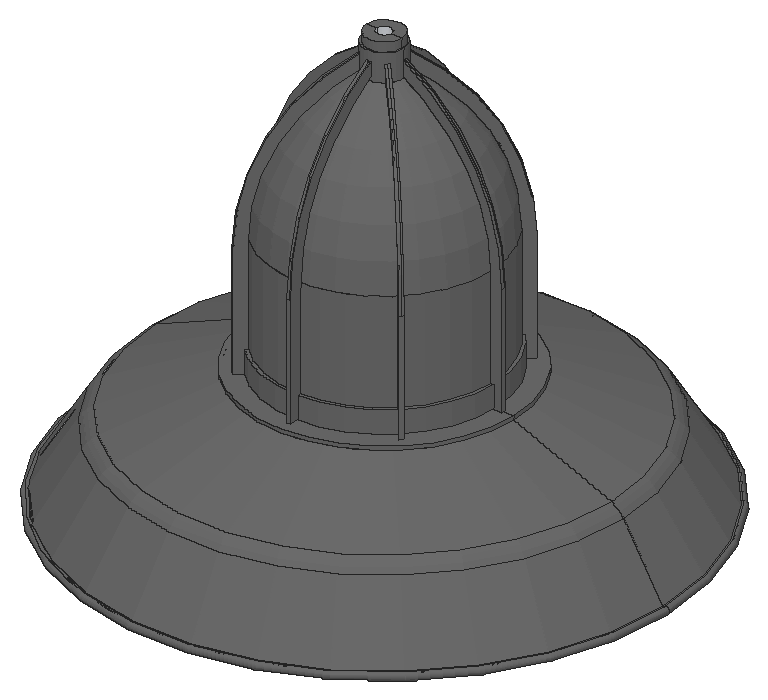
Revit family "URW20 SHADE", category Lighting Fixtures, Revit 2024
Family settings
  Round Connector Dimension = Use Diameter
  Part Type = Normal
  OmniClass Number = 23.80.70.00
  OmniClass Title = Lighting
  Work Plane-Based = No
  Always vertical = Yes
  Cut with Voids When Loaded = No
  Light Source = Yes
  Maintain Annotation Orientation = No
  Shared = No
  Room Calculation Point = No
Parameters
  Wattage = 12.1178 W
  built-in parameter 1150110 = 1 (stored number, unit not read)
  built-in parameter 1114217 = 1 (stored number, unit not read)
  built-in parameter 1150109 = 1 (stored number, unit not read)
  built-in parameter 1150134 = (empty or 0)
  built-in parameter 1150113 = 1 (stored number, unit not read)
  Lumens = 1800 lm
  built-in parameter 1150115 = 1 (stored number, unit not read)
  built-in parameter 1150105 = 572.96 (stored number, unit not read)
  Light Source Symbol Size = 2' - 0"
  built-in parameter 1150137 = (empty or 0)
  built-in parameter 1150139 = (empty or 0)
  built-in parameter 1150112 = 1 (stored number, unit not read)
  built-in parameter 1150114 = 1 (stored number, unit not read)
  built-in parameter 1150132 = 2
  built-in parameter 1150102 = (empty or 0)
  built-in parameter 1150138 = (empty or 0)
  built-in parameter 1150107 = 3000 (stored number, unit not read)
  built-in parameter 1150106 = 5.7296 (stored number, unit not read)
  built-in parameter 1150104 = 13.8 (stored number, unit not read)
  Dimming Lamp Color Temperature Shift = (empty or 0)
  Default Elevation = 0' - 0"
  Color Filter = 16777215
  built-in parameter 1114218 = 1 (stored number, unit not read)
  built-in parameter 1150133 = 10 (stored number, unit not read)
Reference planes (in)
  plane 1 "Light Source Axis (F/B)": y = 0
  plane 2: z = 0
  plane 3 "Light Source Axis (L/R)": x = 0
  plane 4 "Light Source Elevation": z = 52.97372
Forms (in)
  Revolve 1, solid
    sketch origin (0, 0, 0) x (1, 0, 0) y (0, 0, 1)
      loop
        arc (-4.5625, 57.24639) -> (-6.29918, 56.63145) -> (-7.97819, 55.87309) r 21.9579
        arc (-7.97819, 55.87309) -> (-8.21853, 55.70376) -> (-8.39925, 55.47186) r 1
        line (-8.39925, 55.47186) -> (-9.80435, 53.23592) -> (-9.875, 53.23592)
        arc (-9.875, 53.23592) -> (-9.95221, 53.01262) -> (-9.75356, 53.14054) r 0.125
        line (-9.75356, 53.14054) -> (-8.31868, 55.42388)
        arc (-8.31868, 55.42388) -> (-8.15463, 55.63516) -> (-7.93605, 55.78934) r 0.90625
        arc (-7.93605, 55.78934) -> (-6.23208, 56.55735) -> (-4.46875, 57.17703) r 21.86415
        line (-4.46875, 57.17703) -> (-4.46875, 57.27764) -> (-3.7987, 57.27764) -> (-3.7987, 58.05264) -> (-3.6787, 58.05264) -> (-3.6787, 61.64639)
        arc (-3.6787, 61.64639) -> (-2.82417, 64.58968) -> (-0.5263, 66.61772) r 5.49609
        line (-0.5263, 66.61772) -> (-0.25, 66.61772) -> (-0.25, 67.88172) -> (-0.628, 67.88172) -> (-0.628, 67.58172) -> (-0.6925, 67.58172) -> (-0.6925, 66.64106)
        arc (-0.6925, 66.64106) -> (-2.94056, 64.58037) -> (-3.77245, 61.64639) r 5.58984
        line (-3.77245, 61.64639) -> (-3.77245, 58.14639) -> (-3.89245, 58.14639) -> (-3.89245, 57.37139) -> (-4.5625, 57.37139) -> (-4.5625, 57.24639)
      axis (0, 67.88172) -> (0, 53.14054)
    angle from 0 to 360
  Sweep 2, solid
    path origin (0, 0, 0) x (1, 0, 0) y (0, 0, 1)
      loop
        arc (-0.69245, 67.24639) -> (-3.2535, 64.7195) -> (-4.19245, 61.24639) r 6.89286
        line (-4.19245, 61.24639) -> (-4.19245, 57.37139)
    profile origin (-4.19245, 0, 59.30889) x (0, -1, 0) y (1, 0, 0)
      loop
        line (0, 0) -> (0.0625, 0) -> (0.0625, 0.42) -> (-0.0625, 0.42) -> (-0.0625, 0) -> (0, 0)
  Sweep 3, solid
    path origin (0, 0, 0) x (0.707107, -0.707107, 0) y (0, 0, 1)
      loop
        arc (-0.69245, 67.24639) -> (-3.2535, 64.7195) -> (-4.19245, 61.24639) r 6.89286
        line (-4.19245, 61.24639) -> (-4.19245, 57.37139)
    profile origin (-2.96451, 2.96451, 59.30889) x (-0.707107, -0.707107, 0) y (0.707107, -0.707107, 0)
      loop
        line (0, 0) -> (0.0625, 0) -> (0.0625, 0.42) -> (-0.0625, 0.42) -> (-0.0625, 0) -> (0, 0)
  Sweep 4, solid
    path origin (0, 0, 0) x (0.707107, 0.707107, 0) y (0, 0, 1)
      loop
        arc (-0.69245, 67.24639) -> (-3.2535, 64.7195) -> (-4.19245, 61.24639) r 6.89286
        line (-4.19245, 61.24639) -> (-4.19245, 57.37139)
    profile origin (-2.96451, -2.96451, 59.30889) x (0.707107, -0.707107, 0) y (0.707107, 0.707107, 0)
      loop
        line (0, 0) -> (0.0625, 0) -> (0.0625, 0.42) -> (-0.0625, 0.42) -> (-0.0625, 0) -> (0, 0)
  Sweep 5, solid
    path origin (0, 0, 0) x (0, 1, 0) y (0, 0, 1)
      loop
        arc (-0.69245, 67.24639) -> (-3.2535, 64.7195) -> (-4.19245, 61.24639) r 6.89286
        line (-4.19245, 61.24639) -> (-4.19245, 57.37139)
    profile origin (0, -4.19245, 59.30889) x (1, 0, 0) y (0, 1, 0)
      loop
        line (0, 0) -> (0.0625, 0) -> (0.0625, 0.42) -> (-0.0625, 0.42) -> (-0.0625, 0) -> (0, 0)
  Sweep 6, solid
    path origin (0, 0, 0) x (-0.707107, 0.707107, 0) y (0, 0, 1)
      loop
        arc (-0.69245, 67.24639) -> (-3.2535, 64.7195) -> (-4.19245, 61.24639) r 6.89286
        line (-4.19245, 61.24639) -> (-4.19245, 57.37139)
    profile origin (2.96451, -2.96451, 59.30889) x (0.707107, 0.707107, 0) y (-0.707107, 0.707107, 0)
      loop
        line (0, 0) -> (0.0625, 0) -> (0.0625, 0.42) -> (-0.0625, 0.42) -> (-0.0625, 0) -> (0, 0)
  Sweep 7, solid
    path origin (0, 0, 0) x (-1, 0, 0) y (0, 0, 1)
      loop
        arc (-0.69245, 67.24639) -> (-3.2535, 64.7195) -> (-4.19245, 61.24639) r 6.89286
        line (-4.19245, 61.24639) -> (-4.19245, 57.37139)
    profile origin (4.19245, 0, 59.30889) x (0, 1, 0) y (-1, 0, 0)
      loop
        line (0, 0) -> (0.0625, 0) -> (0.0625, 0.42) -> (-0.0625, 0.42) -> (-0.0625, 0) -> (0, 0)
  Sweep 8, solid
    path origin (0, 0, 0) x (-0.707107, -0.707107, 0) y (0, 0, 1)
      loop
        arc (-0.69245, 67.24639) -> (-3.2535, 64.7195) -> (-4.19245, 61.24639) r 6.89286
        line (-4.19245, 61.24639) -> (-4.19245, 57.37139)
    profile origin (2.96451, 2.96451, 59.30889) x (-0.707107, 0.707107, 0) y (-0.707107, -0.707107, 0)
      loop
        line (0, 0) -> (0.0625, 0) -> (0.0625, 0.42) -> (-0.0625, 0.42) -> (-0.0625, 0) -> (0, 0)
  Sweep 9, solid
    path origin (0, 0, 0) x (0, -1, 0) y (0, 0, 1)
      loop
        arc (-0.69245, 67.24639) -> (-3.2535, 64.7195) -> (-4.19245, 61.24639) r 6.89286
        line (-4.19245, 61.24639) -> (-4.19245, 57.37139)
    profile origin (0, 4.19245, 59.30889) x (-1, 0, 0) y (0, -1, 0)
      loop
        line (0, 0) -> (0.0625, 0) -> (0.0625, 0.42) -> (-0.0625, 0.42) -> (-0.0625, 0) -> (0, 0)
Dimensions and locks (in)
  aligned and locked: plane 3 "Light Source Axis (L/R)" to imposter light
  aligned and locked: plane 1 "Light Source Axis (F/B)" to imposter light
  aligned and locked: plane 4 "Light Source Elevation" to imposter light
  aligned and locked: level to plane 2
